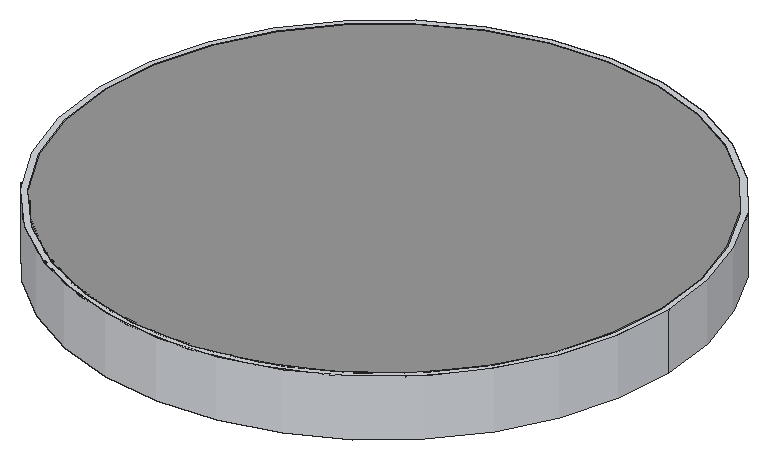
Revit family "2071205", category Lighting Fixtures, host Face, Revit 2018
Family settings
  Host = Face
  Round Connector Dimension = Use Diameter
  Part Type = Normal
  OmniClass Number = 23.80.70.00
  OmniClass Title = Lighting
  Cut with Voids When Loaded = No
  Light Source = Yes
  Shared = No
  Room Calculation Point = No
Parameters (values of type "2071205 COLOSSAL 600 830 PR DIR+H WHT DALI")
  iner diameter = 588 mm
  Weight = "n/a"
  Wattage Comments = ""
  Wattage = 30 W
  WarrantyStartDate [instance] = "n/a"
  WarrantyGuarantorParts = "n/a"
  WarrantyDurationUnit = "n/a"
  WarrantyDurationParts = ""
  WarrantyDescription = "http://www.sylvania-lighting.com"
  built-in parameter 1150110 = 1 (stored number, unit not read)
  Voltage = 230 V
  URL = "0.99"
  TypeName = "COLOSSAL 600mm 830 PRISM DIR+HAL WHITE DALI"
  Type Image = <None>
  Type Comments = "n/a"
  built-in parameter 1114217 = 1 (stored number, unit not read)
  Tilt Angle = -90.00°
  built-in parameter 1150109 = 1 (stored number, unit not read)
  built-in parameter 1150134 = (empty or 0)
  built-in parameter 1150113 = 1 (stored number, unit not read)
  SerialNumber [instance] = "n/a"
  Photometric Web File = "2071205.ies"
  Material_3_SYL = LED-Sylvania
  PowerFactor = 0
  PowerConsumption = "Lighting"
  NominalLength = 600 mm
  NominalHeight = 93 mm
  NominalDepth = 600 mm
  Name = "COLOSSAL 600mm 830 PRISM DIR+HAL WHITE DALI"
  ModelReference = Name  # "COLOSSAL 600mm 830 PRISM DIR+HAL WHITE DALI"
  ModelNumber = "2071205"
  Model = Name  # "COLOSSAL 600mm 830 PRISM DIR+HAL WHITE DALI"
  Material = "Feilo Sylvania"
  ManufacturerName = "125 lm/W"
  Manufacturer = ""
  LuminousEfficacy = ""
  built-in parameter 1150105 = 270.44 (stored number, unit not read)
  Lumens = 3398.4 lm
  LuminaireType = "0"
  built-in parameter 1150115 = 1 (stored number, unit not read)
  LightOutputRatio = "LED"
  built-in parameter 1150137 = (empty or 0)
  built-in parameter 1150139 = (empty or 0)
  LampsType = Lamp  # "n/a"
  LampNominalLuminous = "3000 K"
  LampMacAdamStep = "80"
  LampColourTemperature = "LED"
  LampColourRenderingIndex = "16500"
  built-in parameter 1150112 = 1 (stored number, unit not read)
  built-in parameter 1150114 = 1 (stored number, unit not read)
  Lamp = "n/a"
  Keynote = "n/a"
  InstallationDate [instance] = "n/a"
  InputVoltage = "0"
  InputNominalFrequency = "3000"
  built-in parameter 1150132 = (empty or 0)
  built-in parameter 1150102 = (empty or 0)
  built-in parameter 1150107 = 3000 (stored number, unit not read)
  built-in parameter 1150138 = (empty or 0)
  IngressProtection = "IfcLightFixtureType"
  ImpactProtectionIndex = "IfcLightFixtureType"
  built-in parameter 1150106 = 2.7044 (stored number, unit not read)
  IfcExportType = "IfcLightFixtureType"
  IfcExportAs = "Class I"
  Emit from Circle Diameter = 385 mm
  Emit Shape Visible in Rendering = no
  ElectricShockClassification = "125"
  built-in parameter 1150104 = 10.524 (stored number, unit not read)
  DocumentationLiterature = "http://www.sylvania-lighting.com/product/en-int/products/2071205"
  DimmingControlOptions = "n/a"
  Material_2_SYL = Polycarbonate_Sylvania_White
  Dimming Lamp Color Temperature Shift = <None>
  Description = "600mm diameter circular architectural luminaire, can be surface mounted or suspended. Powder coated aluminium housing (RAL9016) with PMMA prismatic diffuser. Direct/indirect (halo) light distribution, 3900lm luminuous flux, 31.3W system power, 125lm/W luminiaire efficacy. DALI dimmable. Colour rendering index Ra >80, 3000K Warm White LED, chromaticity tolerance of 3-step MacAdam ellipse. IP40, IK03. 350mA drive current. UGR≤19. Electrical protection Class1, 220-240V. Reported lifetime 66k hours L90B10."
  Default Elevation = 1219.2 mm
  CreatedOn = "23/03/2022"
  CreatedBy = "@sylvania-lighting.com"
  Cost = 0
  Color Filter = 16777215
  built-in parameter 1114216 [instance] = (empty or 0)
  ClassificationValue = "EF_70_80"
  ClassificationName = "Uniclass2015"
  Material_1_SYL = Polycarbonate_Sylvania_Opal
  BarCode [instance] = "n/a"
  built-in parameter 1114218 = 1 (stored number, unit not read)
  built-in parameter 1150133 = 10 (stored number, unit not read)
  AssetType = "Fixed"
  AssetIdentifier [instance] = "n/a"
  Assembly Code = "D5020200"
  Apparent Load = 31.3 VA
  Material_4_SYL = none
Reference planes
  plane 1 "Center (Front/Back)": y = 0
  plane 2: z = 0
  plane 3 "Center (Left/Right)": x = 0
  plane 4: x = -300
  plane 5: x = 300
  plane 6: y = 300
  plane 7: y = -300
  plane 8: y = 212
  plane 9: y = -212
  plane 10: z = 93
  plane 11: y = 294
  plane 12: y = -294
  plane 13: through (0, 0, 1219.2) normal (0.5, -0.866, 0)
  plane 14: through (-134.29, 20.617, 1219.2) normal (0.5, -0.866, 0)
  plane 15: through (-144.685, -181.683, 1219.2) normal (-0.5, 0.866, 0)
  plane 16: through (0, 0, 1219.2) normal (0.5, 0.866, 0)
  plane 17: through (178.555, -4.939, 1219.2) normal (0.5, 0.866, 0)
  plane 18: through (87.581, -148.715, 1219.2) normal (0.5, 0.866, 0)
  plane 19: y = 272
  plane 20: through (105.168, 227.067, 1219.2) normal (0.866, 0.5, 0)
  plane 21: through (-104.171, 225.672, 1219.2) normal (0.8572, -0.515, 0)
  plane 22: y = -204.612
  plane 23: through (-296.643, -30.2, 1219.2) normal (0.866, 0.5, 0)
  plane 24: through (153.092, -278.837, 1219.2) normal (-0.866, 0.5, 0)
Forms (mm)
  Extrusion 1, solid, detail levels medium+fine
    sketch origin (0, 0, 0) x (1, 0, 0) y (0, 1, 0)
      loop
        circle (0, 0) r 300
    from 33.023 to 93
  Extrusion 2, void
    sketch origin (0, 0, 0) x (1, 0, 0) y (0, 1, 0)
      loop
        circle (0, 0) r 294
    from 93 to 37.292
  Extrusion 3, solid, material "Glass, White, High Luminance", detail levels fine
    sketch origin (0, 0, 0) x (1, 0, 0) y (0, 1, 0)
      loop
        circle (0, 0) r 294
    from 88.026 to 93
  Extrusion 4, solid, detail levels coarse
    sketch origin (0, 0, 0) x (1, 0, 0) y (0, 1, 0)
      loop
        line (-300, 300) -> (-300, -300) -> (300, -300) -> (300, 300) -> (-300, 300)
    from 0 to 93
  Blend 5, solid, detail levels medium+fine
    base sketch origin (0, 0, 0) x (1, 0, 0) y (0, 1, 0)
      loop
        line (-76.334, 272) -> (-277.665, -63.07) -> (-195.946, -204.612) -> (195.946, -204.612) -> (275.172, -67.388) -> (79.226, 272) -> (-76.334, 272)
    top sketch origin (0, 0, 0) x (1, 0, 0) y (0, 1, 0)
      loop
        line (-226.097, -32.388) -> (-141.097, -179.612) -> (141.097, -179.612) -> (226.097, -32.388) -> (85, 212) -> (-85, 212) -> (-226.097, -32.388)
    from 33.023 to 0
Cuts and joins
  Extrusion 2 cuts Extrusion 1
Lines and regions (mm)
  model lines
    curve 1: line (-85, 212, 0) -> (0, 212, 0)
    curve 2: line (0, 212, 0) -> (85, 212, 0)
Dimensions and locks
  "NominalDepth": plane 6 to plane 7
  "NominalLength": plane 4 to plane 5
  equal spacing: plane 4, plane 3 "Center (Left/Right)", plane 5
  "iner diameter": plane 11 to plane 12
  equal spacing: plane 11, plane 1 "Center (Front/Back)", plane 12
  equal spacing: plane 6, plane 1 "Center (Front/Back)", plane 7
  "NominalHeight": plane 10 to level
  radius of Extrusion 2 sketch curve = 294 mm
  aligned and locked: plane 2 to host face
  aligned and locked: level to host face
Automatic sketch dimensions
  host sketch curve to host sketch curve = 2438.4 mm  (x2)
  plane 1 "Center (Front/Back)" to Extrusion 1 sketch curve = 0 mm
  Extrusion 1 sketch curve to plane 3 "Center (Left/Right)" = 0 mm
  plane 1 "Center (Front/Back)" to Extrusion 2 sketch curve = 0 mm
  Extrusion 2 sketch curve to plane 3 "Center (Left/Right)" = 0 mm
  plane 1 "Center (Front/Back)" to Extrusion 3 sketch curve = 0 mm
  Extrusion 3 sketch curve to plane 3 "Center (Left/Right)" = 0 mm
  Extrusion 4 sketch curve to plane 4 = 0 mm
  Extrusion 4 sketch curve to plane 5 = 0 mm
  Extrusion 4 sketch curve to plane 7 = 0 mm
  Extrusion 4 sketch curve to plane 6 = 0 mm
  Blend 5 sketch curve to plane 8 = 0 mm
  Blend 5 sketch curve to plane 3 "Center (Left/Right)" = 85 mm
  plane 3 "Center (Left/Right)" to Blend 5 sketch curve = 85 mm
  plane 9 to Blend 5 sketch curve = 32.388 mm
  plane 3 "Center (Left/Right)" to Blend 5 sketch curve = 141.097 mm
  plane 1 "Center (Front/Back)" to Blend 5 sketch curve = 32.388 mm  (x2)
  Blend 5 sketch curve to plane 5 = 73.903 mm
  Blend 5 sketch curve to plane 3 "Center (Left/Right)" = 141.097 mm
  plane 4 to Blend 5 sketch curve = 73.903 mm
  curve 1 to plane 8 = 0 mm
  curve 2 to plane 3 "Center (Left/Right)" = 0 mm
  curve 1 to plane 3 "Center (Left/Right)" = 85 mm
  curve 1 to curve 2 = 85 mm
  Blend 5 sketch curve to plane 21 = 0 mm
  Blend 5 sketch curve to plane 23 = 0 mm  (x2)
  Blend 5 sketch curve to plane 22 = 0 mm
  Blend 5 sketch curve to plane 19 = 0 mm
  plane 21 to Blend 5 sketch curve = 0 mm
  Blend 5 sketch curve to plane 20 = 0 mm  (x2)
  Blend 5 sketch curve to plane 24 = 0 mm  (x2)
  radius of Extrusion 1 sketch curve = 300 mm
  radius of Extrusion 3 sketch curve = 294 mm
Connectors
  electrical at (0, 0, 0), driven by "Apparent Load", driven by "PowerFactor", driven by "Voltage"
    settings: index 1, voltage 230 V, apparent load 31.3 VA, apparent load phase1 0 VA, apparent load phase2 0 VA, apparent load phase3 0 VA, power factor 0, load classification "Lighting", number of poles 1, system type 30, power factor state 1, is connector primary yes, connector utility no, sub classification motor no, connector description ""
